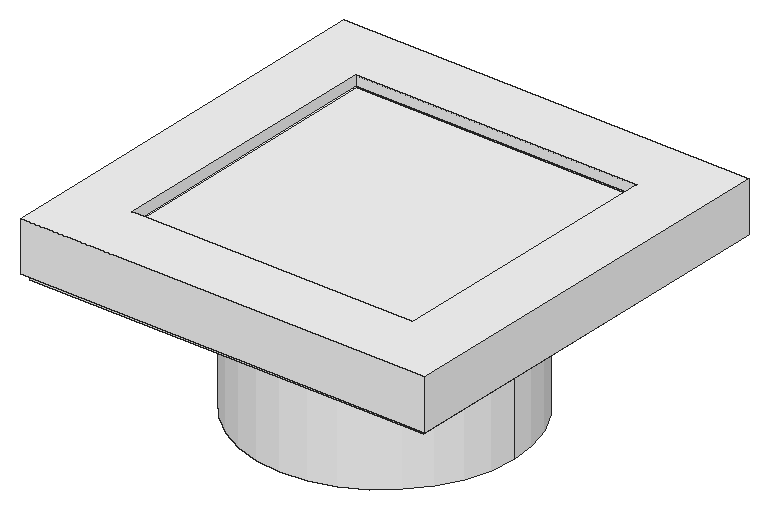
Revit family "Gira_228227", category Electrical Fixtures, host Face, Revit 2017
Family settings
  Host = Face
  Maintain Annotation Orientation = Yes
  Round Connector Dimension = Use Diameter
  Part Type = Normal
  Cut with Voids When Loaded = No
  Shared = No
  Room Calculation Point = No
Parameters (values of type "Lautsprecher UP-Radio RDS System 55 Reinweiß m")
  Zusammenstellung = "Basiselement mit Gehäuse-Oberteil"
  White [instance] = White
  Werkstoffgüte = "sonstige"
  Werkstoff = "sonstige"
  URL = "http://katalog.gira.de/de_DE/datenblatt.html?artikelnr=228227"
  Region = "DE"
  RAL-Nummer (ähnlich) = "9010 "
  Oberfläche = "sonstige"
  Name = "Lautsprecher UP-Radio RDS System 55 Reinweiß m"
  Montageart = "unter Putz"
  Model = "Sys55_Komplettgerät_Schalten und Tasten"
  Manufacturer URL = "https://www.gira.de/"
  HeinzeBIM = "https://bimportal.heinze.de/bim/lautsprecher-up-radio-rds-system-55-reinweiss-m/440c22dba26ef9dddf13a141e0801a2e026caa0d"
  Halogenfrei = "Yes"
  HAN = "228227"
  GTIN = "4010337076254"
  Farbe = "weiß"
  Default Elevation = 1219.2 mm
  Data sheet (1) = "https://katalog.gira.de/de_DE/download.html?artikelnr=228227"
  Category = "Elektronik-Gerät für Installationsschalterprogramme"
  Befestigungsart = "Krallen-/Schraubbefestigung"
  Available = "Yes"
  Ausführung der Oberfläche = "glänzend"
  Ausführung = "Radio (*en-EN)"
Reference planes
  plane 1 "Center (Front/Back)": y = 0
  plane 2: z = 0
  plane 3 "Center (Left/Right)": x = 0
Forms (mm)
  Extrusion 1, solid, material "White" <- "White", detail levels medium
    sketch origin (0, 0, 0) x (1, 0, 0) y (0, 1, 0)
      loop
        line (-40.4, 40.4) -> (-40.4, -40.4) -> (40.4, -40.4) -> (40.4, 40.4) -> (-40.4, 40.4)
      loop
        line (-28, 28) -> (-28, -28) -> (28, -28) -> (28, 28) -> (-28, 28)
    from 0 to 10
  Extrusion 2, solid, material "White" <- "White", detail levels fine
    sketch origin (0, 0, 0) x (1, 0, 0) y (0, 1, 0)
      loop
        line (-40.4, 40.4) -> (-40.4, -40.4) -> (40.4, -40.4) -> (40.4, 40.4) -> (-40.4, 40.4)
      loop
        line (-28, 28) -> (-28, -28) -> (28, -28) -> (28, 28) -> (-28, 28)
    from 0 to 10
  Extrusion 3, void
    sketch origin (0, 0, 0) x (1, 0, 0) y (0, 1, 0)
      loop
        line (-38.4, 38.4) -> (-38.4, -38.4) -> (38.4, -38.4) -> (38.4, 38.4) -> (-38.4, 38.4)
    from 0 to 8
  Extrusion 4, solid, material "White" <- "White", detail levels medium+fine
    sketch origin (0, 0, 0) x (1, 0, 0) y (0, 1, 0)
      loop
        line (-39.4, 39.4) -> (-39.4, -39.4) -> (39.4, -39.4) -> (39.4, 39.4) -> (-39.4, 39.4)
    from 0 to -1
  Extrusion 5, solid, material "White" <- "White", detail levels medium+fine
    sketch origin (0, 0, 0) x (1, 0, 0) y (0, 1, 0)
      loop
        line (-35.5, 35.5) -> (-35.5, -35.5) -> (35.5, -35.5) -> (35.5, 35.5) -> (-35.5, 35.5)
    from -2 to -3
  Extrusion 6, solid, material "White" <- "White", detail levels medium+fine
    sketch origin (0, 0, 0) x (1, 0, 0) y (0, 1, 0)
      loop
        circle (0, 0) r 26
    from 0 to -27.5
  Extrusion 7, solid, material "White" <- "White", detail levels coarse
    sketch origin (0, 0, 0) x (1, 0, 0) y (0, 1, 0)
      loop
        line (-40.4, 40.4) -> (-40.4, -40.4) -> (40.4, -40.4) -> (40.4, 40.4) -> (-40.4, 40.4)
    from -27.5 to 10
Cuts and joins
  Extrusion 3 cuts Extrusion 2
Dimensions and locks
  aligned and locked: plane 2 to host face
  aligned and locked: level to host face
  aligned and locked: plane 3 "Center (Left/Right)" to nested 2
  aligned and locked: plane 1 "Center (Front/Back)" to nested 2
Nested families
  nested 1: "Sys55_Abdeckung_Schalten und Tasten_floor_base" at (0, 0, 0), type "Sys55_Abdeckung_Schalten und Tasten_floor_base"
  nested 2: "Schalter" at (0, 0, 0), type "Schalter"
Connectors
  electrical at (0, 0, -27.5)
    settings: on Extrusion 6, index 1, voltage 220 V, apparent load 0 VA, apparent load phase1 0 VA, apparent load phase2 0 VA, apparent load phase3 0 VA, power factor 1, load classification "Other", number of poles 1, system type 30, power factor state 1, is connector primary yes, connector utility no, sub classification motor no, connector description ""
Definition of nested family "Sys55_Abdeckung_Schalten und Tasten_floor_base"
  Parameters
    Default Elevation = 1219.2 mm
    White [instance] = none
  Reference planes
    plane 1 "Center (Front/Back)": y = 0
    plane 2: z = 0
    plane 3 "Center (Left/Right)": x = 0
  Forms (mm)
    Extrusion 1, solid
      sketch origin (0, 0, 0) x (1, 0, 0) y (0, 1, 0)
        loop
          line (-1219.2, 1219.2) -> (-1219.2, -1219.2) -> (1219.2, -1219.2) -> (1219.2, 1219.2) -> (-1219.2, 1219.2)
      from 0 to -304.8
    Extrusion 2, solid, material <- "White", detail levels fine
      sketch origin (0, 0, 0) x (1, 0, 0) y (0, 1, 0)
        loop
          line (-27.5, 27.5) -> (-27.5, -27.5) -> (27.5, -27.5) -> (27.5, 27.5) -> (-27.5, 27.5)
      from 0 to 8
    Extrusion 3, void
      sketch origin (0, 0, 0) x (1, 0, 0) y (0, 1, 0)
        loop
          line (26, 26) -> (-26, 26) -> (-26, -26) -> (26, -26) -> (26, 26)
      from 0 to 6
    Extrusion 4, solid, material <- "White", detail levels medium
      sketch origin (0, 0, 0) x (1, 0, 0) y (0, 1, 0)
        loop
          line (-27.5, 27.5) -> (-27.5, -27.5) -> (27.5, -27.5) -> (27.5, 27.5) -> (-27.5, 27.5)
      from 0 to 8
    Extrusion 5, solid, material <- "White", detail levels medium
      sketch origin (0, 0, 0) x (1, 0, 0) y (0, 1, 0)
        loop
          line (11, -17.5) -> (11, 17.5) -> (-11, 17.5) -> (-11, -17.5) -> (11, -17.5)
      from -6 to 6
    Extrusion 6, solid, material <- "White", detail levels fine
      sketch origin (0, 0, 0) x (1, 0, 0) y (0, 1, 0)
        loop
          line (11, 17.5) -> (-11, 17.5) -> (-11, 16.5) -> (11, 16.5) -> (11, 17.5)
        loop
          line (-11, -16.5) -> (-11, -17.5) -> (11, -17.5) -> (11, -16.5) -> (-11, -16.5)
      from -4 to 6
    Extrusion 7, solid, material <- "White", detail levels fine
      sketch origin (0, 0, 0) x (1, 0, 0) y (0, 1, 0)
        loop
          arc (5, 9.347) -> (0, 10.6) -> (-5, 9.347) r 10.6
          line (-5, 9.347) -> (-5, -9.347)
          arc (-5, -9.347) -> (0, -10.6) -> (5, -9.347) r 10.6
          line (5, -9.347) -> (5, 9.347)
      from -6 to 6
    Extrusion 8, solid, material <- "White", detail levels coarse
      sketch origin (0, 0, 0) x (1, 0, 0) y (0, 1, 0)
        loop
          line (-27.5, 27.5) -> (-27.5, -27.5) -> (27.5, -27.5) -> (27.5, 27.5) -> (-27.5, 27.5)
      from -6 to 8
  Cuts and joins
    Extrusion 3 cuts Extrusion 2
  Dimensions and locks
    aligned and locked: plane 2 to Extrusion 1
    aligned and locked: level to Extrusion 1
Definition of nested family "Schalter"
  Reference planes
    plane 1: y = 0
    plane 2: x = 0
  Lines and regions (mm)
    detail lines
      curve 1: circle (1.375, 2.778, 0) r 0.8 normal (0, 0, 1)
      curve 2: line (1.021, 2.061, 0) -> (0, 0, 0)
      curve 3: line (0, 0, 0) -> (-0.538, 0.266, 0)
  Dimensions and locks
    curve 2 to curve 2 = 2.3 mm
    curve 3 to curve 2 = 0.6 mm
    radius of curve 1 = 0.8 mm
